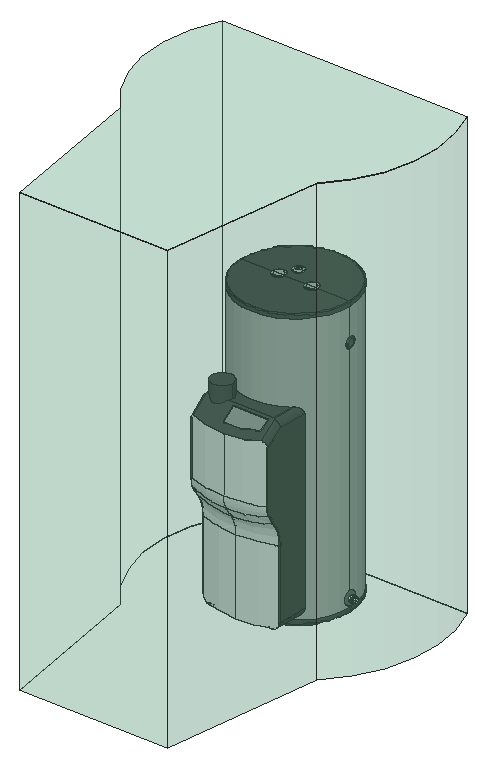
Revit family "Innovo BEFR_IR 20 200 BEFR LP", category Mechanical Equipment, Revit 2015
Parameters (values of type "IR-20-200 BEFR LP")
  largeur d'emballage = 786 mm  # constant formula
  l'Intervalle d'Entretien = "12 mois"  # constant formula
  Workspace Radius = Diameter + 170 mm  # 845 mm
  Workspace Height = Hauteur + 1000 mm  # 2745 mm
  Workspace Front Distance = 1000 mm
  Workspace [instance] = yes
  Valve Height 02 = if(and(Hauteur = 1745 mm, Diameter = 675 mm), 1518 mm, if(and(Hauteur = 1745 mm, Diameter = 610 mm), 1534 mm, if(Hauteur = 1545 mm, 1328 mm, 1070 mm)))  # 1518 mm
  Valve Height 01 = if(and(Diameter > 560 mm), 693 mm, 604 mm)  # 693 mm
  Valeur Maximale du Thermostat de Régulation = 85 °C  # constant formula
  Valeur Manimale du Thermostat de Régulation = 40 °C  # constant formula
  Valeur Défaut du Thermostat de Régulation = 65 °C  # constant formula
  URL = "www.aosmith.be"
  Type d'Installation = "B23/C13/C33/C43/C53/C63"  # constant formula
  Type d'emballage = "Carton et bois"  # constant formula
  Tension d'Alimentation (-15%, +10%) = 230 V  # constant formula
  Température Maximale des Fumées = 65 °C
  Temps de réchauffement à ΔT = 70°C = "50"
  Temps de réchauffement à ΔT = 55°C = "39"
  Temps de réchauffement à ΔT = 50°C = "36"
  Temps de réchauffement à ΔT = 44°C = "31"
  Temps de réchauffement à ΔT = 28°C = "20"
  Spécifications du Produit = ""
  Réglages du thermostat du chauffe-eau = 65 °C  # constant formula
  Réglage Standard Pour = "G20/G25"
  Rendement Saisonnier (Hs) = [Rendement (Hs, acc. NEN-EN 89 - 1999)]  # 97
  Rendement (Hs, acc. NEN-EN 89 - 1999) = 97
  Rendement (Hi, acc. NEN-EN 89 - 1999) = 108
  Raccord Évacuation de la Condensation = 40 mm  # constant formula
  Raccord de la Soupape de Vidange = 1"
  Raccord de Sortie d'Eau Chaude = 1"
  Raccord de Gaz = 15"  # constant formula
  Raccord d'Alimentation en Eau Froide = 3/4"  # constant formula
  Raccord Robinet de Vidange = 3/4"  # constant formula
  Puissance Électrique Absorbée (sommet) = 105 W
  Puissance Électrique Absorbée (nominal) = 85 W
  Profondeur d'emballage = 946 mm  # constant formula
  Profondeur = 780 mm  # constant formula
  Profils de soutirage déclaré = "XXL"
  Production Nominale = "31300.0/26000.0"
  Pression de Fonctionnement Maximale = 800000.0 Pa  # constant formula
  Pression Différentielle d'Ouverture de l'Interrupteur de Pression < = 210.0 Pa
  Pression Amont de Gaz = "2000/2500 Pa"
  Precaustions during assembling, installation or maintenance = "voir Manuel d'installation, d'emploi er d'entretien"  # constant formula
  Poids à vide = 155 kg
  Poids de Transport = 172 kg
  Phase = 1
  Pertes en Veille - tous les jours (24h) = 0 W
  Pertes en Veille = 0 W
  Nombre de modèle du produit (EAN) = "8717449286378"
  Niveau du Son dB (A) = "<45"  # constant formula
  Niveau de puissance acoustique à l'intérieur = "58 dB"
  NOx-émissions mg/kWh = "37.0/27.0"
  NOx-émissions (ven air, 0% O2) ppm = "24.0/17.0"
  Modèdele = "IR-32-380"
  Model = "IR-32-380 FR NAT"
  Marque commerciale = "A.O. Smith"  # constant formula
  Manufacturer = "A.O. Smith Water Products Company b.v."  # constant formula
  Largeur = Diameter  # 675 mm
  La commande intelligente = no
  L'efficacité énergétique pour le chauffage de l'eau (2) = "92%"
  L'efficacité énergétique pour le chauffage de l'eau (1) = "90%"
  Hauteur du Raccordement au Gaz = 905 mm
  Hauteur de la Sortie d'eau Chaude = 1745 mm
  Hauteur de l'Alimentation en eau Froide = 170 mm
  Hauteur d'emballage = 1895 mm
  Hauteur Conduit d'Évacuation des Fumées = 1350 mm
  Hauteur Conduit d'Alimentation en Air = 1350 mm
  Hauteur = 1745 mm
  Guide de Produit = ""
  Garantie sur la Cuve = "36 mois"  # constant formula
  Garantie Pièces = "12 mois"  # constant formula
  Fréquence secteur = 50 Hz  # constant formula
  Forctionner qu'en heures creuses = no
  Fabricant No. = "E 7110"  # constant formula
  Epaisseur d'Isolation = 44 mm
  Débit de vidage à ΔT = 70°C après 90 min. = 840.0 L
  Débit de vidage à ΔT = 70°C après 60 min. = 650.0 L
  Débit de vidage à ΔT = 70°C après 30 min. = 460.0 L
  Débit de vidage à ΔT = 70°C après 120 min. = 1100.0 L
  Débit de vidage à ΔT = 55°C après 90 min. = 1100.0 L
  Débit de vidage à ΔT = 55°C après 60 min. = 860.0 L
  Débit de vidage à ΔT = 55°C après 30 min. = 610.0 L
  Débit de vidage à ΔT = 55°C après 120 min. = 1400.0 L
  Débit de vidage à ΔT = 50°C après 90 min. = 1300.0 L
  Débit de vidage à ΔT = 50°C après 60 min. = 950.0 L
  Débit de vidage à ΔT = 50°C après 30 min. = 680.0 L
  Débit de vidage à ΔT = 50°C après 120 min. = 1500.0 L
  Débit de vidage à ΔT = 44°C après 90 min. = 1400.0 L
  Débit de vidage à ΔT = 44°C après 60 min. = 1100.0 L
  Débit de vidage à ΔT = 44°C après 30 min. = 790.0 L
  Débit de vidage à ΔT = 44°C après 120 min. = 1800.0 L
  Débit de vidage à ΔT = 28°C après 90 min. = 2300.0 L
  Débit de vidage à ΔT = 28°C après 60 min. = 1800.0 L
  Débit de vidage à ΔT = 28°C après 30 min. = 1300.0 L
  Débit de vidage à ΔT = 28°C après 120 min. = 2800.0 L
  Débit de vidage en Continu à ΔT = 70°C = 380.0 L/s
  Débit de vidage en Continu à ΔT = 55°C = 480.0 L/s
  Débit de vidage en Continu à ΔT = 50°C = 530.0 L/s
  Débit de vidage en Continu à ΔT = 44°C = 600.0 L/s
  Débit de vidage en Continu à ΔT = 28°C = 960.0 L/s
  Diamètre Cheminée - Système Parallèle = "2x80"  # constant formula
  Diamètre Cheminée - Système Concentrique = "80/125 mm/mm"  # constant formula
  Diamètre Cheminée - Boiler = "80/125 mm/mm"  # constant formula
  Diameter = 675 mm
  Destination / Country = "Belgique"  # constant formula
  Description = "Préparateur ECS Solaire en Combinaison avec Réservoir de Stockage"  # constant formula
  D'autres profils de soutirage = "3XL"
  Created By = "http://www.cadcompany.nl/"
  Consommation de Gaz - Volume ltr/hr = "3.10/3.00"
  Consommation de Gaz - Masse kg/h = "a/p"
  Class d'efficacité énergétique (2) = "-"
  Class d'efficacité énergétique (1) = "A"  # constant formula
  Charge Nominale (Valeur Supérieure) = "32200.0/26800.0"
  Charge Nominale (Valeur Inférieure) = "29000.0/24100.0"
  Charge Maximale au Sol = 552 kg
  Catégorie de Gaz = "I2E(S)B"
  Capacité = 380.0 L
  CO2 Émissions (tol. +/- 1.0) vol% = "9.3/7.5"
  CE-PIN = "0063CQ3037"  # constant formula
  BIM Content Developer = "CAD & Company"  # constant formula
  Assembly Code = "D3010"
  Annual fuel consumption (2) = "40 GJ GCV"
  Annual fuel consumption (1) = "21 GJ GCV"
  Annual electricity consumption (2) = "92 kWh"
  Annual electricity consumption (1) = "45 kWh"
  2ème Entretien (Entretien Général) = "12 mois après l'installation"  # constant formula
  1er Entretien (check-up) = "3 mois après l'installation"  # constant formula
Reference planes
  plane 1 "Center (Front/Back)": y = 0
  plane 2: z = 0
  plane 3 "Center (Left/Right)": x = 0
  plane 4 "Pipe": through (-383.901, 912.349, 194.799) normal (-0.0879, -0.0879, 0.9923)
  plane 5 "footing": y = 118.925
  plane 6 "footing front": y = -237.85
  plane 7: x = -337.5
  plane 8: x = 337.5
  plane 9: z = 1745
Forms (mm)
  Revolve 1, solid, material "RAL 9005", detail levels medium+fine
    sketch origin (0, -237.85, 0) x (-1, 0, 0) y (0, 0, 1)
      loop
        line (0, 28.9) -> (-15, 28.9) -> (-15, 26.4) -> (-8.671, 26.4) -> (-8.671, 18) -> (-5.686, 18) -> (-6.626, 17.06) -> (-6.626, 12.06) -> (-8.671, 12.06) -> (-8.671, 10) -> (-10.031, 10) -> (-23.271, 5.181)
        arc (-23.271, 5.181) -> (-23.763, 4.836) -> (-24.017, 4.293) r 1.159
        line (-24.017, 4.293) -> (-24.017, 1.03)
        arc (-24.017, 1.03) -> (-23.715, 0.302) -> (-22.986, 0) r 1.03
        line (-22.986, 0) -> (0, 0) -> (0, 28.9)
      axis (0, 28.9) -> (0, 0)
    angle from 0 to 360
  Revolve 2, solid, material "RAL 9005", detail levels medium+fine
    sketch origin (0, 118.925, 0) x (-1, 0, 0) y (0, 0, 1)
      loop
        line (-238.484, 28.9) -> (-253.484, 28.9) -> (-253.484, 26.4) -> (-247.155, 26.4) -> (-247.155, 18) -> (-244.17, 18) -> (-245.11, 17.06) -> (-245.11, 12.06) -> (-247.155, 12.06) -> (-247.155, 10) -> (-248.515, 10) -> (-261.756, 5.181)
        arc (-261.756, 5.181) -> (-262.247, 4.836) -> (-262.501, 4.293) r 1.159
        line (-262.501, 4.293) -> (-262.501, 1.03)
        arc (-262.501, 1.03) -> (-262.199, 0.302) -> (-261.471, 0) r 1.03
        line (-261.471, 0) -> (-238.484, 0) -> (-238.484, 28.9)
      axis (-238.484, 28.9) -> (-238.484, 0)
    angle from 0 to 360
  Revolve 3, solid, material "RAL 9005", detail levels medium+fine
    sketch origin (0, 118.925, 0) x (-1, 0, 0) y (0, 0, 1)
      loop
        line (236.516, 28.9) -> (221.516, 28.9) -> (221.516, 26.4) -> (227.845, 26.4) -> (227.845, 18) -> (230.83, 18) -> (229.89, 17.06) -> (229.89, 12.06) -> (227.845, 12.06) -> (227.845, 10) -> (226.485, 10) -> (213.244, 5.181)
        arc (213.244, 5.181) -> (212.753, 4.836) -> (212.499, 4.293) r 1.159
        line (212.499, 4.293) -> (212.499, 1.03)
        arc (212.499, 1.03) -> (212.801, 0.302) -> (213.529, 0) r 1.03
        line (213.529, 0) -> (236.516, 0) -> (236.516, 28.9)
      axis (236.516, 28.9) -> (236.516, 0)
    angle from 0 to 360
Lines and regions (mm)
  symbolic lines
    curve 1: line (0, 280.06, 0) -> (0, -280.06, 0)
    curve 2: line (-312.56, 0, 0) -> (312.56, 0, 0)
  symbolic lines, style "Workspace"
    curve 3: line (754.705, 380.06, 0) -> (-754.705, 380.06, 0)
    curve 4: arc (-754.705, 380.06, 0) -> (-842.687, -62.476, 0) -> (-690.406, -487.2, 0) r 845
    curve 5: line (-690.406, -487.2, 0) -> (-454.283, -1552.825, 0)
    curve 6: line (-454.283, -1552.825, 0) -> (456.53, -1552.825, 0)
    curve 7: line (456.53, -1552.825, 0) -> (692.083, -484.816, 0)
    curve 8: arc (692.083, -484.816, 0) -> (842.794, -61.023, 0) -> (754.705, 380.06, 0) r 845
Dimensions and locks
  plane 5 "footing" to plane 1 "Center (Front/Back)" = 118.925 mm
  plane 1 "Center (Front/Back)" to plane 6 "footing front" = 237.85 mm
  "Diameter": plane 7 to plane 8
  equal spacing: plane 7, plane 3 "Center (Left/Right)", plane 8
  "Hauteur": plane 9 to plane 2
  "Workspace Front Distance": curve 6 to nested 3
  "Workspace Radius": radius of curve 4
  "Workspace Radius": radius of curve 8
  aligned and locked: level to plane 2
  aligned and locked: nested 3 to Revolve 1 sketch curve
  aligned and locked: plane 3 "Center (Left/Right)" to Revolve 1 sketch curve
  aligned and locked: nested 3 to plane 1 "Center (Front/Back)"
  aligned and locked: plane 3 "Center (Left/Right)" to nested 3
  aligned and locked: nested 1 to plane 8
  aligned and locked: nested 5 to plane 8
  aligned and locked: nested 2 to plane 7
  aligned and locked: nested 4 to plane 7
  aligned and locked: nested 7 to plane 7
  aligned and locked: nested 8 to plane 3 "Center (Left/Right)"
  aligned and locked: plane 1 "Center (Front/Back)" to nested 8
  aligned and locked: nested 8 to nested 3
  aligned and locked: curve 3 to nested 8
Automatic sketch dimensions
  Revolve 1 sketch curve to level = 0 mm
  plane 3 "Center (Left/Right)" to Revolve 1 sketch curve = 5.686 mm
  Revolve 1 sketch curve to Revolve 1 sketch curve = 0.94 mm  (x2)
  Revolve 1 sketch curve to Revolve 1 sketch curve = 2.046 mm  (x2)
  Revolve 1 sketch curve to Revolve 1 sketch curve = 1.359 mm
  Revolve 1 sketch curve to Revolve 1 sketch curve = 6.329 mm
  level to Revolve 1 sketch curve = 4.091 mm
  Revolve 1 sketch curve to Revolve 1 sketch curve = 12.844 mm
  level to Revolve 1 sketch curve = 1.03 mm
  Revolve 1 sketch curve to Revolve 1 sketch curve = 0.111 mm
  level to Revolve 1 sketch curve = 5.181 mm
  Revolve 1 sketch curve to Revolve 1 sketch curve = 0.745 mm
  level to Revolve 1 sketch curve = 10 mm
  Revolve 1 sketch curve to Revolve 1 sketch curve = 2.06 mm
  Revolve 1 sketch curve to Revolve 1 sketch curve = 5 mm
  Revolve 1 sketch curve to Revolve 1 sketch curve = 8.4 mm
  Revolve 1 sketch curve to Revolve 1 sketch curve = 2.5 mm
  Revolve 1 sketch curve to level = 19.635 mm
  Revolve 1 sketch curve to Revolve 1 sketch curve = 46.465 mm
  Revolve 2 sketch curve to level = 0 mm
  level to Revolve 2 sketch curve = 1.03 mm
  Revolve 2 sketch curve to plane 8 = 74.999 mm
  level to Revolve 2 sketch curve = 5.181 mm
  Revolve 2 sketch curve to Revolve 2 sketch curve = 0.745 mm
  Revolve 2 sketch curve to Revolve 2 sketch curve = 0.397 mm
  Revolve 2 sketch curve to Revolve 2 sketch curve = 8.271 mm
  Revolve 2 sketch curve to Revolve 2 sketch curve = 13.241 mm
  Revolve 2 sketch curve to Revolve 2 sketch curve = 1.359 mm
  Revolve 2 sketch curve to Revolve 2 sketch curve = 6.329 mm
  Revolve 2 sketch curve to Revolve 2 sketch curve = 2.046 mm
  level to Revolve 2 sketch curve = 18 mm
  Revolve 2 sketch curve to Revolve 2 sketch curve = 0.94 mm  (x2)
  Revolve 2 sketch curve to Revolve 2 sketch curve = 8.671 mm
  Revolve 2 sketch curve to Revolve 2 sketch curve = 1.089 mm
  Revolve 2 sketch curve to Revolve 2 sketch curve = 8 mm
  Revolve 2 sketch curve to Revolve 2 sketch curve = 2.06 mm
  Revolve 2 sketch curve to Revolve 2 sketch curve = 8.4 mm
  Revolve 2 sketch curve to Revolve 2 sketch curve = 2.5 mm
  Revolve 2 sketch curve to Revolve 2 sketch curve = 0 mm
  Revolve 2 sketch curve to level = 19.635 mm
  Revolve 2 sketch curve to Revolve 2 sketch curve = 46.465 mm
  Revolve 3 sketch curve to level = 0 mm
  level to Revolve 3 sketch curve = 1.03 mm
  Revolve 3 sketch curve to plane 7 = 125.001 mm
  level to Revolve 3 sketch curve = 5.181 mm
  Revolve 3 sketch curve to Revolve 3 sketch curve = 0.745 mm
  Revolve 3 sketch curve to Revolve 3 sketch curve = 0.397 mm
  Revolve 3 sketch curve to Revolve 3 sketch curve = 8.271 mm
  Revolve 3 sketch curve to Revolve 3 sketch curve = 13.241 mm
  Revolve 3 sketch curve to Revolve 3 sketch curve = 1.359 mm
  Revolve 3 sketch curve to Revolve 3 sketch curve = 6.329 mm
  Revolve 3 sketch curve to Revolve 3 sketch curve = 2.046 mm
  level to Revolve 3 sketch curve = 18 mm
  Revolve 3 sketch curve to Revolve 3 sketch curve = 0.94 mm  (x2)
  Revolve 3 sketch curve to Revolve 3 sketch curve = 8.671 mm
  Revolve 3 sketch curve to Revolve 3 sketch curve = 1.089 mm
  Revolve 3 sketch curve to Revolve 3 sketch curve = 8 mm
  Revolve 3 sketch curve to Revolve 3 sketch curve = 2.06 mm
  Revolve 3 sketch curve to Revolve 3 sketch curve = 8.4 mm
  Revolve 3 sketch curve to Revolve 3 sketch curve = 2.5 mm
  Revolve 3 sketch curve to Revolve 3 sketch curve = 0 mm
  Revolve 3 sketch curve to level = 19.635 mm
  Revolve 3 sketch curve to Revolve 3 sketch curve = 46.465 mm
  curve 4 to curve 8 = 0 mm  (x2)
  plane 1 "Center (Front/Back)" to curve 2 = 0 mm
  curve 1 to plane 3 "Center (Left/Right)" = 0 mm
  plane 1 "Center (Front/Back)" to curve 4 = 0 mm
  curve 4 to plane 3 "Center (Left/Right)" = 0 mm
  curve 5 to plane 6 "footing front" = 249.35 mm
  plane 7 to curve 5 = 116.783 mm
  plane 8 to curve 7 = 119.03 mm
  curve 7 to plane 6 "footing front" = 246.966 mm
  curve 2 to plane 7 = 24.94 mm
  curve 2 to plane 8 = 24.94 mm
  curve 1 to plane 6 "footing front" = 42.21 mm
  plane 5 "footing" to curve 1 = 161.135 mm
Nested families
  nested 1: "Valve" at (337.5, -0.38, 1518) x (0, 1, 0) z (0, 0, 1), built-in parameter 1001364 <- "Valve Height 02", type "Valve"
  nested 2: "Drain Valve" at (-337.5, 0, 1518), built-in parameter 1001364 <- "Valve Height 02", type "Drain Valve"
  nested 3: "Housing Mother Housing S 57 (external)" at (0, -334.886, 0), type "Housing Mother_Housing S_57"
    with radius 337.5 mm, distance to boiler center 189 mm, diameter 675 mm
  nested 4: "Drain Valve" at (-337.5, 0, 177), type "Drain Valve"
  nested 5: "Drain Valve" at (337.5, 0, 107) x (-1, 0, 0) z (0, 0, 1), type "Drain Valve"
  nested 6: "Boiler" at (0, 0, 0), height <- "Hauteur", type "Boiler"
    with height 1745 mm, radius 337.5 mm, Diameter 675 mm
  nested 7: "Drain Valve" at (-337.5, 0, 693), built-in parameter 1001364 <- "Valve Height 01", type "Drain Valve"
  nested 8: "Innovo_workspace" at (0, 0, 0), Workspace <- "Workspace", Workspace Distance Front <- "Workspace Front Distance", Workspace Height <- "Workspace Height", Workspace Radius <- "Workspace Radius", type "Workspace"
    with Workspace Radius 845 mm, Workspace Height 2745 mm, Workspace Distance Front 1000 mm, Workspace yes, Center to Front 552.825 mm
Connectors
  piping at (372.326, 0, 107), diameter 19.05, driven by "Raccord Robinet de Vidange"
    settings: on nested 5, index 1, connector inside diameter 24", connector length 0 mm, flow factor 0, pipe flow 0.0 L/s, pressure drop 0.0 Pa, fitting loss kfactor 0, connector angle 0.00°, fixture units 0, engagement length 0 mm, angle of deflection 0.00°, flow configuration 0, flow direction 0, fitting loss method 0, system type 19, joint type 0, gender type 0, connector reference index -1, connector utility 0, adjustable connector no, is connector primary yes, connector description ""
  hvac at (-147.013, -381.326, 1310.674)
    settings: on nested 3, index 2, duct flow 0.0 L/s, flow factor 0, pres drop 0.0 Pa, loss coef 0, conn angle 0.00°, conn width 304.8 mm, conn height 304.8 mm, conn diameter 125 mm, duct sys type 4, conn prof type 0, flow config 0, flow direction 0, loss method 0, conn ref index -1, conn util no, is conn primary yes, conn desc ""
Definition of nested family "Valve"
  Parameters (values of type "Valve")
    Type Comments = "T&P valve (internal)"
    Manufacturer = "A.O. Smith"
  Reference planes
    plane 1 "Center (Front/Back)": y = 0
    plane 2: z = 0
    plane 3 "Center (Left/Right)": x = 0
  Forms (mm)
    Extrusion 1, solid, detail levels fine
      sketch origin (0, 0, 0) x (1, 0, 0) y (0, 0, 1)
        loop
          circle (0, 0) r 31.5
      from -2.271 to 1.4
    Sweep 2, solid, detail levels fine
      path origin (0, -1.4, 0) x (1, 0, 0) y (0, 0, 1)
        loop
          circle (0, 0) r 31.5
      profile origin (0, -1.4, 31.5) x (0, 0, -1) y (0, -1, 0)
        loop
          line (7.3, 0) -> (7.3, 3) -> (0, 0) -> (7.3, 0)
  Dimensions and locks
    aligned and locked: level to plane 2
Definition of nested family "Drain Valve"
  Reference planes
    plane 1 "Center (Front/Back)": y = 0
    plane 2: z = 0
    plane 3 "Center (Left/Right)": x = 0
  Forms (mm)
    Revolve 1, solid, detail levels medium+fine
      sketch origin (0, 0, 0) x (1, 0, 0) y (0, 0, 1)
        loop
          line (-33.442, 15.696) -> (-34.826, 14.329) -> (-34.93, 12.731) -> (-16.555, 12.731) -> (-16.555, 0) -> (15.787, 0) -> (15.787, 18.3) -> (-14.4, 18.3) -> (-17.148, 15.533) -> (-18.729, 16.697) -> (-20.091, 15.333) -> (-21.672, 16.496) -> (-23.034, 15.133) -> (-24.614, 16.296) -> (-25.976, 14.932) -> (-27.557, 16.096) -> (-28.919, 14.732) -> (-30.5, 15.896) -> (-31.862, 14.532) -> (-33.442, 15.696)
        axis (-34.93, 0) -> (15.787, 0)
      angle from 0 to 360
  Dimensions and locks
    aligned and locked: level to plane 2
  Nested families
    nested 1: "Rubber sealing" at (2.592, -0.155, 0) x (0.0023, -1, 0) z (0, 0, 1), type "Rubber sealing", detail levels fine
  Definition of nested family "Rubber sealing"
    Reference planes
      plane 1 "Center (Front/Back)": y = 0
      plane 2: z = 0
      plane 3 "Center (Left/Right)": x = 0
    Forms (mm)
      Extrusion 1, solid, detail levels fine
        sketch origin (141.861, 319.581, 0) x (1, 0, 0) y (0, 1, 0)
          loop
            line (-216.354, -311.898) -> (-216.354, -313.94)
            arc (-216.354, -313.94) -> (-141.602, -321.581) -> (-66.861, -313.835) r 366.966
            line (-66.861, -313.835) -> (-66.861, -311.791)
            arc (-66.861, -311.791) -> (-141.602, -319.581) -> (-216.354, -311.898) r 364.966
        from -80 to 80
      Extrusion 2, void
        sketch origin (141.861, 319.581, 0) x (1, 0, 0) y (0, 0, 1)
          loop
            circle (-141.861, 0) r 13
          loop
            circle (-141.861, 0) r 110
          loop
            circle (-141.861, 0) r 40
        from 311.563 to 332.684
      Extrusion 3, void
        sketch origin (141.861, 319.581, 0) x (1, 0, 0) y (0, 0, 1)
          loop
            circle (-141.861, 0) r 18.25
        from 315.524 to 326.084
    Cuts and joins
      Extrusion 2, Extrusion 3 cuts Extrusion 1
    Dimensions and locks
      aligned and locked: level to plane 2
Definition of nested family "Housing Mother Housing S 57 (external)"
  Parameters (values of type "Housing Mother_Housing S_57")
    radius [instance] = 280 mm
    distance to boiler center = if(diameter = 675 mm, 189 mm, if(diameter = 610 mm, 154 mm, 129 mm))  # 129 mm
    diameter = 560 mm
  Reference planes
    plane 1 "Center (Front/Back)": y = 0
    plane 2: z = 0
    plane 3 "Center (Left/Right)": x = 0
    plane 4 "left": through (-245.286, 145.886, 1200) normal (0.9994, 0.0349, 0)
    plane 5: y = -217.939
    plane 6: y = 145.886
    plane 7: z = 1232.6
    plane 8: z = 65.89
    plane 9 "right": through (245.286, 145.886, 1200) normal (0.9994, -0.0349, 0)
    plane 10 "display": through (0, -90.37, 1221.196) normal (0, -0.5736, 0.8192)
    plane 11 "Potentiostat": z = 867.899
    plane 12 "boiler center": y = 274.886
    plane 13: x = -280
    plane 14: x = 280
  Forms (mm)
    Extrusion 1, solid
      sketch origin (0, 0, 0) x (1, 0, 0) y (0, 1, 0)
        loop
          line (-245.286, 145.886) -> (-232.581, -217.939) -> (232.581, -217.939) -> (245.286, 145.886)
          arc (245.286, 145.886) -> (0, 0.923) -> (-245.286, 145.886) r 280
      from 0 to 1232.6
    Sweep 2, void
      path origin (0, 0, 0) x (0, 1, 0) y (0, 0, 1)
        loop
          line (-217.939, 1232.6) -> (-217.939, 795.555)
          arc (-217.939, 795.555) -> (-212.387, 754.285) -> (-197.694, 715.322) r 183.924
          arc (-197.694, 715.322) -> (-179.915, 684.628) -> (-159.106, 655.901) r 348.284
          arc (-159.106, 655.901) -> (-131.411, 600.328) -> (-121.88, 538.973) r 202.254
          line (-121.88, 538.973) -> (-121.88, 61.106)
      profile origin (0, -217.939, 1014.077) x (1, 0, 0) y (0, 1, 0)
        loop
          arc (0, 0) -> (-117.533, 9.941) -> (-231.728, 39.475) r 699.984
          arc (-231.728, 39.475) -> (-233.391, 40.705) -> (-234.07, 42.659) r 3.505
          line (-234.07, 42.659) -> (-254.062, 42.659) -> (-254.062, -142.593) -> (254.07, -142.593) -> (254.07, 42.659) -> (234.07, 42.659)
          arc (234.07, 42.659) -> (233.391, 40.705) -> (231.728, 39.475) r 3.505
          arc (231.728, 39.475) -> (117.533, 9.941) -> (0, 0) r 699.984
    Extrusion 3, void
      sketch origin (0, 0, 0) x (0, 1, 0) y (0, 0, 1)
        loop
          arc (102.864, 70.869) -> (99.804, 70.709) -> (96.874, 69.813) r 12.57
          arc (96.874, 69.813) -> (87.878, 66.533) -> (78.516, 64.529) r 69.114
          arc (78.516, 64.529) -> (76.41, 64.284) -> (74.294, 64.148) r 41.206
          arc (74.294, 64.148) -> (65.203, 64.335) -> (56.122, 64.782) r 318.661
          arc (56.122, 64.782) -> (30.585, 66.179) -> (5.028, 67.128) r 1456.581
          line (5.028, 67.128) -> (-84.534, 73.135)
          arc (-84.534, 73.135) -> (-86.363, 73.808) -> (-87.536, 75.365) r 3.455
          line (-87.536, 75.365) -> (-264.473, 75.365) -> (-264.473, 0) -> (160.886, 0) -> (160.886, 103.945) -> (145.886, 103.945)
          arc (145.886, 103.945) -> (145.104, 97.827) -> (142.923, 92.059) r 26.364
          arc (142.923, 92.059) -> (141.067, 88.936) -> (138.867, 86.045) r 31.715
          arc (138.867, 86.045) -> (135.576, 82.49) -> (132.021, 79.2) r 62.615
          arc (132.021, 79.2) -> (125.841, 74.697) -> (119.091, 71.103) r 54.444
          arc (119.091, 71.103) -> (116.371, 70.272) -> (113.531, 70.123) r 11.669
          line (113.531, 70.123) -> (102.864, 70.869)
      from -254.062 to 254.07
    Sweep 4, void
      path origin (0, 0, 0) x (1, 0, 0) y (0, 1, 0)
        loop
          line (-245.286, 145.886) -> (-232.581, -217.939)
      profile origin (-238.933, -36.027, 0) x (0.999391, 0.034899, 0) y (0, 0, 1)
        loop
          line (-4.454, 0) -> (47.084, 0) -> (47.084, 73.431)
          arc (47.084, 73.431) -> (14.222, 85.134) -> (0.255, 117.1) r 43.922
          line (0.255, 117.1) -> (-4.454, 117.1) -> (-4.454, 0)
    Sweep 5, void
      path origin (0, 0, 0) x (-1, 0, 0) y (0, 1, 0)
        loop
          line (-245.286, 145.886) -> (-232.581, -217.939)
      profile origin (238.933, -36.027, 0) x (0.999391, -0.034899, 0) y (0, 0, 1)
        loop
          line (4.454, 0) -> (4.454, 117.1) -> (-0.255, 117.1)
          arc (-0.255, 117.1) -> (-14.222, 85.134) -> (-47.084, 73.431) r 43.922
          line (-47.084, 73.431) -> (-47.084, 0) -> (4.454, 0)
    Sweep 6, void
      path origin (-239.899, -8.377, 0) x (-0.034899, 0.999391, 0) y (0, 0, 1)
        loop
          line (-209.69, 1141.272) -> (-79.18, 1232.6) -> (154.358, 1232.6)
      profile origin (-241.211, 29.188, 1232.6) x (0, 0, 1) y (0.999391, 0.034899, 0)
        loop
          line (-45, -30) -> (75, -30) -> (75, 0) -> (75, 55) -> (2.799, 55) -> (-1.253, 35.128)
          arc (-1.253, 35.128) -> (-16.771, 9.564) -> (-45, -0.308) r 44.287
          line (-45, -0.308) -> (-45, -30)
    Sweep 7, void
      path origin (239.899, -8.377, 0) x (0.034899, 0.999391, 0) y (0, 0, 1)
        loop
          line (-209.69, 1141.272) -> (-79.18, 1232.6) -> (154.358, 1232.6)
      profile origin (241.211, 29.188, 1232.6) x (0, 0, -1) y (-0.999391, 0.034899, 0)
        loop
          line (-75, -25) -> (45, -25) -> (45, -0.308)
          arc (45, -0.308) -> (16.771, 9.564) -> (1.253, 35.128) r 44.287
          line (1.253, 35.128) -> (-2.799, 55) -> (-75, 55) -> (-75, -25)
    Extrusion 8, void
      sketch origin (0, 0, 0) x (0, 1, 0) y (0, 0, 1)
        loop
          line (-270, 1336.099) -> (-270, 1099.081) -> (68.497, 1336.099) -> (-270, 1336.099)
      from -425.038 to 444.42
    Extrusion 9, solid, detail levels medium+fine
      sketch origin (0, 0, 0) x (1, 0, 0) y (0, 1, 0)
        loop
          circle (-147.013, -46.44) r 65
      from 1163.174 to 1310.674
    Extrusion 10, void
      sketch origin (0, -603.506, 861.895) x (0, 0.819152, 0.573576) y (-1, 0, 0)
        loop
          arc (618.322, -173) -> (623.272, -170.95) -> (625.322, -166) r 7
          line (625.322, -166) -> (625.322, 35)
          arc (625.322, 35) -> (623.272, 39.95) -> (618.322, 42) r 7
          line (618.322, 42) -> (535.473, 42)
          arc (535.473, 42) -> (530.688, 40.11) -> (528.488, 35.46) r 7
          arc (528.488, 35.46) -> (531.569, -67.592) -> (554.18, -168.18) r 540
          arc (554.18, -168.18) -> (556.724, -171.668) -> (560.831, -173) r 7
          line (560.831, -173) -> (618.322, -173)
      from 0 to 137.286
    Sweep 11, solid, detail levels fine
      path origin (0, 0, 867.899) x (-1, 0, 0) y (0, -1, 0)
        loop
          line (309.749, -35.617) -> (204.371, -35.617)
          arc (204.371, -35.617) -> (196.509, -34.687) -> (189.082, -31.947) r 33.677
          line (189.082, -31.947) -> (-9.574, 69.274)
      profile origin (-257.06, 35.617, 867.899) x (0, 1, 0) y (0, 0, 1)
        loop
          circle (0, 0) r 7.316
        loop
          circle (0, 0) r 6.465
    Revolve 12, void
      sketch origin (0, 274.886, 0) x (-1, 0, 0) y (0, 0, 1)
        loop
          line (280, 1243.838) -> (0, 1243.838) -> (0, 54.9) -> (280, 54.9) -> (280, 1243.838)
        axis (0, 1243.838) -> (0, 54.9)
      angle from 0 to 360
  Cuts and joins
    Sweep 2, Extrusion 3, Sweep 4, Sweep 5, Sweep 6, Sweep 7, Extrusion 8, Extrusion 10, Revolve 12 cuts Extrusion 1
  Dimensions and locks
    plane 8 to plane 2 = 65.89 mm
    plane 7 to plane 8 = 1166.71 mm
    "distance to boiler center": plane 12 "boiler center" to plane 6
    "diameter": plane 14 to plane 13
    equal spacing: plane 14, plane 3 "Center (Left/Right)", plane 13
    "radius": plane 3 "Center (Left/Right)" to plane 13
    aligned and locked: level to plane 2
    aligned and locked: Extrusion 1 to plane 7
    aligned and locked: Extrusion 1 sketch curve to plane 5
    aligned and locked: Sweep 2 to Extrusion 3
    aligned and locked: Extrusion 3 to Sweep 2  (x2)
    aligned and locked: plane 7 to Sweep 2 sketch curve
    aligned and locked: plane 3 "Center (Left/Right)" to Revolve 12 sketch curve
    aligned and locked: Revolve 12 sketch curve to plane 3 "Center (Left/Right)"
    aligned and locked: plane 13 to Revolve 12 sketch curve
  Automatic sketch dimensions
    Extrusion 1 sketch curve to plane 4 "left" = 0 mm  (x2)
    Extrusion 1 sketch curve to plane 6 = 0 mm  (x2)
    Extrusion 1 sketch curve to plane 3 "Center (Left/Right)" = 0 mm
    Extrusion 1 sketch curve to plane 9 "right" = 0 mm
    plane 6 to Extrusion 1 sketch curve = 135.037 mm
    Sweep 2 sketch curve to plane 5 = 0 mm
    plane 5 to Sweep 2 sketch curve = 106.195 mm
    Sweep 2 sketch curve to plane 5 = 96.059 mm
    plane 1 "Center (Front/Back)" to Sweep 2 sketch curve = 34.053 mm
    plane 11 "Potentiostat" to Sweep 2 sketch curve = 6.417 mm
    Sweep 2 sketch curve to plane 6 = 33.705 mm
    Sweep 2 sketch curve to plane 11 "Potentiostat" = 68.615 mm
    Sweep 2 sketch curve to plane 11 "Potentiostat" = 72.345 mm
    Sweep 2 sketch curve to Sweep 2 sketch curve = 176.349 mm
    Sweep 2 sketch curve to Sweep 2 sketch curve = 0 mm  (x2)
    plane 8 to Sweep 2 sketch curve = 4.784 mm
    Extrusion 3 sketch curve to level = 0 mm
    Extrusion 3 sketch curve to plane 6 = 0 mm
    Extrusion 3 sketch curve to plane 6 = 26.363 mm
    Extrusion 3 sketch curve to Extrusion 3 sketch curve = 4.75 mm
    Extrusion 3 sketch curve to Extrusion 3 sketch curve = 5.179 mm
    Extrusion 3 sketch curve to plane 8 = 4.232 mm
    Extrusion 3 sketch curve to Extrusion 3 sketch curve = 0.814 mm
    Extrusion 3 sketch curve to plane 8 = 4.978 mm
    Extrusion 3 sketch curve to Extrusion 3 sketch curve = 10.667 mm
    Extrusion 3 sketch curve to Extrusion 3 sketch curve = 0.877 mm
    Extrusion 3 sketch curve to Extrusion 3 sketch curve = 17.827 mm
    Extrusion 3 sketch curve to Extrusion 3 sketch curve = 5.646 mm
    Extrusion 3 sketch curve to plane 6 = 69.562 mm
    Extrusion 3 sketch curve to Extrusion 3 sketch curve = 18.6 mm
    Extrusion 3 sketch curve to Extrusion 3 sketch curve = 22.538 mm
    Extrusion 3 sketch curve to plane 8 = 1.238 mm
    Extrusion 3 sketch curve to plane 1 "Center (Front/Back)" = 5.028 mm
    plane 1 "Center (Front/Back)" to Extrusion 3 sketch curve = 36.224 mm
    Extrusion 3 sketch curve to plane 8 = 10.692 mm
    plane 1 "Center (Front/Back)" to Extrusion 3 sketch curve = 84.302 mm
    Extrusion 3 sketch curve to plane 8 = 7.244 mm
    Extrusion 3 sketch curve to Extrusion 3 sketch curve = 0.231 mm
    Extrusion 3 sketch curve to Extrusion 3 sketch curve = 3.234 mm
    plane 5 to Extrusion 3 sketch curve = 46.534 mm
    plane 6 to Extrusion 3 sketch curve = 15 mm
    Extrusion 3 sketch curve to level = 1388.869 mm
    plane 8 to Extrusion 3 sketch curve = 7.561 mm
    Extrusion 3 sketch curve to Extrusion 3 sketch curve = 11.64 mm
    Extrusion 3 sketch curve to plane 8 = 38.054 mm
    Extrusion 3 sketch curve to Extrusion 3 sketch curve = 22.442 mm
    Extrusion 3 sketch curve to plane 8 = 39.432 mm
    Extrusion 3 sketch curve to Extrusion 3 sketch curve = 2.466 mm
    Extrusion 3 sketch curve to Extrusion 3 sketch curve = 14.17 mm
    Extrusion 3 sketch curve to Extrusion 3 sketch curve = 5.925 mm
    Extrusion 3 sketch curve to Extrusion 3 sketch curve = 6.186 mm
    Extrusion 3 sketch curve to Extrusion 3 sketch curve = 249.85 mm
    Extrusion 3 sketch curve to Extrusion 3 sketch curve = 0 mm  (x4)
    Extrusion 3 sketch curve to Extrusion 3 sketch curve = 6.845 mm
    plane 8 to Extrusion 3 sketch curve = 1.743 mm
    Sweep 4 sketch curve to plane 4 "left" = 0 mm  (x2)
    Sweep 4 sketch curve to plane 6 = 0 mm
    plane 5 to Sweep 4 sketch curve = 0 mm
    Sweep 4 sketch curve to level = 0 mm
    profile plane to Sweep 4 sketch curve = 4.454 mm
    Sweep 4 sketch curve to profile plane = 0.255 mm
    Sweep 4 sketch curve to Sweep 4 sketch curve = 43.922 mm
    Sweep 4 sketch curve to profile plane = 47.084 mm
    level to Sweep 4 sketch curve = 73.431 mm
    Sweep 4 sketch curve to Sweep 4 sketch curve = 43.669 mm
    Sweep 5 sketch curve to plane 6 = 0 mm
    Sweep 5 sketch curve to plane 9 "right" = 0 mm  (x2)
    plane 5 to Sweep 5 sketch curve = 0 mm
    Sweep 5 sketch curve to level = 0 mm
    profile plane to Sweep 5 sketch curve = 47.084 mm
    Sweep 5 sketch curve to Sweep 5 sketch curve = 2.907 mm
    profile plane to Sweep 5 sketch curve = 0.255 mm
    Sweep 5 sketch curve to profile plane = 4.454 mm
    level to Sweep 5 sketch curve = 73.431 mm
    Sweep 5 sketch curve to Sweep 5 sketch curve = 43.669 mm
    Sweep 6 sketch curve to plane 7 = 0 mm
    plane 7 to Sweep 6 sketch curve = 91.328 mm
    Sweep 6 sketch curve to Sweep 6 sketch curve = 130.509 mm
    Sweep 6 sketch curve to Sweep 6 sketch curve = 233.538 mm
    Sweep 6 sketch curve to plane 4 "left" = 0 mm
    profile plane to Sweep 6 sketch curve = 45 mm
    Sweep 6 sketch curve to Sweep 6 sketch curve = 0.354 mm
    profile plane to Sweep 6 sketch curve = 1.253 mm
    Sweep 6 sketch curve to profile plane = 2.799 mm
    Sweep 6 sketch curve to Sweep 6 sketch curve = 72.201 mm
    Sweep 6 sketch curve to plane 4 "left" = 0.308 mm
    Sweep 6 sketch curve to Sweep 6 sketch curve = 29.692 mm
    plane 4 "left" to Sweep 6 sketch curve = 35.128 mm
    plane 4 "left" to Sweep 6 sketch curve = 55 mm
    Sweep 7 sketch curve to plane 7 = 0 mm
    Sweep 7 sketch curve to plane 7 = 91.328 mm
    Sweep 7 sketch curve to Sweep 7 sketch curve = 130.509 mm
    Sweep 7 sketch curve to Sweep 7 sketch curve = 233.538 mm
    Sweep 7 sketch curve to plane 9 "right" = 25 mm
    profile plane to Sweep 7 sketch curve = 75 mm
    profile plane to Sweep 7 sketch curve = 2.799 mm
    Sweep 7 sketch curve to profile plane = 1.253 mm
    Sweep 7 sketch curve to Sweep 7 sketch curve = 43.393 mm
    Sweep 7 sketch curve to profile plane = 45 mm
    Sweep 7 sketch curve to plane 9 "right" = 0.308 mm
    plane 9 "right" to Sweep 7 sketch curve = 35.128 mm
    Sweep 7 sketch curve to Sweep 7 sketch curve = 19.872 mm
    plane 5 to Extrusion 8 sketch curve = 52.061 mm
    Extrusion 8 sketch curve to plane 1 "Center (Front/Back)" = 68.497 mm
    plane 7 to Extrusion 8 sketch curve = 133.519 mm
    Extrusion 8 sketch curve to plane 7 = 103.499 mm
    plane 1 "Center (Front/Back)" to Extrusion 9 sketch curve = 46.44 mm
    Extrusion 9 sketch curve to plane 3 "Center (Left/Right)" = 147.013 mm
    Extrusion 10 sketch curve to plane 3 "Center (Left/Right)" = 0 mm
    Extrusion 10 sketch curve to plane 3 "Center (Left/Right)" = 35 mm
    Extrusion 10 sketch curve to Extrusion 10 sketch curve = 25.359 mm
    Extrusion 10 sketch curve to Extrusion 10 sketch curve = 57.491 mm
    Extrusion 10 sketch curve to plane 3 "Center (Left/Right)" = 42 mm
    Extrusion 10 sketch curve to Extrusion 10 sketch curve = 82.85 mm
    Extrusion 10 sketch curve to Extrusion 10 sketch curve = 7 mm
    Extrusion 10 sketch curve to Extrusion 10 sketch curve = 442 mm
    plane 3 "Center (Left/Right)" to Extrusion 10 sketch curve = 166 mm
    Extrusion 10 sketch curve to Extrusion 10 sketch curve = 0 mm  (x2)
    Sweep 11 sketch curve to plane 1 "Center (Front/Back)" = 31.947 mm
    Sweep 11 sketch curve to plane 3 "Center (Left/Right)" = 189.082 mm
    Sweep 11 sketch curve to plane 1 "Center (Front/Back)" = 1.94 mm
    Sweep 11 sketch curve to Sweep 11 sketch curve = 15.289 mm
    plane 3 "Center (Left/Right)" to Sweep 11 sketch curve = 9.574 mm
    Sweep 11 sketch curve to Sweep 11 sketch curve = 105.378 mm
    plane 1 "Center (Front/Back)" to Sweep 11 sketch curve = 69.274 mm
    Sweep 11 sketch curve to Sweep 11 sketch curve = 0 mm  (x2)
    Sweep 11 sketch curve to plane 11 "Potentiostat" = 0 mm
    Sweep 11 sketch curve to profile plane = 0 mm
    plane 8 to Revolve 12 sketch curve = 10.99 mm
    Revolve 12 sketch curve to plane 7 = 11.238 mm
    Revolve 12 sketch curve to level = 366.045 mm
    Revolve 12 sketch curve to Revolve 12 sketch curve = 971.917 mm
    Sweep 2 sketch curve to plane 3 "Center (Left/Right)" = 0 mm
    profile plane to Sweep 2 sketch curve = 0 mm
    Sweep 2 sketch curve to plane 3 "Center (Left/Right)" = 0.016 mm
    Sweep 2 sketch curve to profile plane = 42.782 mm  (x2)
    Sweep 2 sketch curve to plane 3 "Center (Left/Right)" = 230.568 mm
    plane 3 "Center (Left/Right)" to Sweep 2 sketch curve = 0.016 mm
    plane 3 "Center (Left/Right)" to Sweep 2 sketch curve = 230.568 mm
    Sweep 2 sketch curve to Sweep 2 sketch curve = 3.502 mm  (x2)
    Sweep 2 sketch curve to Sweep 2 sketch curve = 20 mm
    profile plane to Sweep 2 sketch curve = 142.593 mm
    Sweep 2 sketch curve to Sweep 2 sketch curve = 0.122 mm  (x2)
    Sweep 2 sketch curve to Sweep 2 sketch curve = 657.203 mm
    Sweep 2 sketch curve to Sweep 2 sketch curve = 19.991 mm
    radius of Extrusion 9 sketch curve = 65 mm
    radius of Sweep 11 sketch curve = 7.316 mm
    radius of Sweep 11 sketch curve = 6.465 mm
  Nested families
    nested 1: "display" at (65.5, -130.939, 1192.79) x (-1, 0, 0) z (0, -0.5736, 0.8192), type "display"
  Definition of nested family "display"
    Parameters (values of type "display")
      Default Elevation = 1219.2 mm
    Reference planes
      plane 1 "Center (Front/Back)": y = 0
      plane 2: z = 0
      plane 3 "Center (Left/Right)": x = 0
    Forms (mm)
      Extrusion 1, solid, detail levels medium+fine
        sketch origin (-16.958, 11.842, -343.878) x (1, 0, 0) y (0, 0, -1)
          loop
            line (-233.523, -343.878) -> (-233.523, -346.592) -> (332.686, -346.592) -> (332.686, -343.878) -> (-233.523, -343.878)
        from -228.7 to 150.822
      Extrusion 2, void
        sketch origin (-16.958, 6.842, -343.878) x (1, 0, 0) y (0, 1, 0)
          loop
            line (-233.523, 155.822) -> (-233.523, -223.7) -> (332.686, -223.7) -> (332.686, 155.822) -> (-233.523, 155.822)
          loop
            arc (-90.542, -48.267) -> (-88.492, -53.216) -> (-83.542, -55.267) r 7
            line (-83.542, -55.267) -> (117.458, -55.267)
            arc (117.458, -55.267) -> (122.408, -53.216) -> (124.458, -48.267) r 7
            line (124.458, -48.267) -> (124.458, 34.583)
            arc (124.458, 34.583) -> (122.568, 39.368) -> (117.918, 41.568) r 7
            arc (117.918, 41.568) -> (14.866, 38.487) -> (-85.722, 15.876) r 540
            arc (-85.722, 15.876) -> (-89.21, 13.332) -> (-90.542, 9.224) r 7
            line (-90.542, 9.224) -> (-90.542, -48.267)
        from 328.878 to 363.083
    Cuts and joins
      Extrusion 2 cuts Extrusion 1
    Dimensions and locks
      aligned and locked: level to plane 2
Definition of nested family "Boiler"
  Parameters (values of type "Boiler")
    radius [instance] = 280 mm
    height [instance] = 1270 mm
    Diameter = 560 mm
  Reference planes
    plane 1 "Center (Front/Back)": y = 0
    plane 2: z = 0
    plane 3 "Center (Left/Right)": x = 0
    plane 4: z = 1243.838
    plane 5: z = 1270
    plane 6 "bottom": z = 28.9
    plane 7: z = 54.9
    plane 8 "top controle": y = 88
    plane 9: x = -280
    plane 10: x = 280
  Forms (mm)
    Revolve 1, solid
      sketch origin (0, 0, 0) x (1, 0, 0) y (0, 0, 1)
        loop
          line (0, 54.9) -> (-280, 54.9) -> (-280, 32.9)
          arc (-280, 32.9) -> (-278.828, 30.072) -> (-276, 28.9) r 4
          line (-276, 28.9) -> (0, 28.9) -> (0, 54.9)
        axis (0, 28.9) -> (0, 54.9)
      angle from 0 to 360
    Revolve 2, solid
      sketch origin (1.311, 0, 0) x (1, 0, 0) y (0, 0, 1)
        loop
          line (-278.86, 1243.838) -> (-278.86, 54.9) -> (-1.311, 54.9) -> (-1.311, 1243.838) -> (-278.86, 1243.838)
        axis (-1.311, 1243.838) -> (-1.311, 54.9)
      angle from 0 to 360
    Revolve 3, solid
      sketch origin (-9.205, 0, 377.212) x (-1, 0, 0) y (0, 0, 1)
        loop
          line (-148.904, 892.788) -> (-110.805, 892.788) -> (-110.805, 895.963) -> (-141.883, 895.963) -> (-148.904, 893.62) -> (-148.904, 892.788)
        axis (-110.805, 892.788) -> (-110.805, 895.963)
      angle from 0 to 360
    Revolve 4, solid
      sketch origin (0, 0, 718.065) x (1, 0, 0) y (0, 0, -1)
        loop
          line (0, -525.773) -> (-280, -525.773) -> (-280, -547.935)
          arc (-280, -547.935) -> (-278.828, -550.763) -> (-276, -551.935) r 4
          line (-276, -551.935) -> (0, -551.935) -> (0, -525.773)
        axis (0, -551.935) -> (0, -525.773)
      angle from 0 to 360
    Revolve 5, solid
      sketch origin (0, 88, 0) x (1, 0, 0) y (0, 0, 1)
        loop
          line (-19.051, 1270) -> (-19.051, 1271.074) -> (-32.63, 1275.604) -> (-32.63, 1271.117) -> (-37.266, 1271.117) -> (-38.383, 1270) -> (-19.051, 1270)
        axis (-50.8, 1270) -> (-50.8, 1275.604)
      angle from 0 to 360
    Revolve 6, solid
      sketch origin (-217.12, 0, 372.245) x (-1, 0, 0) y (0, 0, 1)
        loop
          line (-153.622, 897.755) -> (-115.52, 897.755) -> (-115.52, 900.93) -> (-146.626, 900.93) -> (-153.622, 898.596) -> (-153.622, 897.755)
        axis (-115.52, 897.755) -> (-115.52, 900.93)
      angle from 0 to 360
  Dimensions and locks
    "height": plane 5 to plane 2
    plane 6 "bottom" to plane 2 = 28.9 mm
    locked: plane 5 to plane 4 at 26.162
    locked: plane 1 "Center (Front/Back)" to plane 8 "top controle" at 88
    "Diameter": plane 10 to plane 9
    equal spacing: plane 10, plane 3 "Center (Left/Right)", plane 9
    "radius": plane 3 "Center (Left/Right)" to plane 9
    locked: plane 9 to Revolve 2 sketch curve at 2.452
    aligned and locked: level to plane 2
    aligned and locked: Revolve 2 sketch curve to plane 7
    aligned and locked: Revolve 2 sketch curve to plane 4
    aligned and locked: Revolve 1 sketch curve to plane 7
    aligned and locked: plane 6 "bottom" to Revolve 1 sketch curve
    aligned and locked: Revolve 4 sketch curve to plane 3 "Center (Left/Right)"
    aligned and locked: plane 5 to Revolve 4 sketch curve
    aligned and locked: Revolve 4 sketch curve to plane 4
    aligned and locked: plane 9 to Revolve 4 sketch curve
    aligned and locked: Revolve 1 sketch curve to plane 9
    aligned and locked: Revolve 2 sketch curve to plane 3 "Center (Left/Right)"
    aligned and locked: plane 3 "Center (Left/Right)" to Revolve 2 sketch curve
  Automatic sketch dimensions
    Revolve 1 sketch curve to plane 3 "Center (Left/Right)" = 0 mm  (x2)
    Revolve 1 sketch curve to Revolve 1 sketch curve = 4 mm
    Revolve 1 sketch curve to level = 40 mm
    Revolve 1 sketch curve to Revolve 1 sketch curve = 305.1 mm
    Revolve 2 sketch curve to level = 366.045 mm
    Revolve 2 sketch curve to plane 5 = 945.755 mm
    Revolve 3 sketch curve to plane 5 = 0 mm
    Revolve 3 sketch curve to plane 3 "Center (Left/Right)" = 139.699 mm
    plane 5 to Revolve 3 sketch curve = 3.175 mm
    Revolve 3 sketch curve to Revolve 3 sketch curve = 7.022 mm
    Revolve 3 sketch curve to Revolve 3 sketch curve = 31.078 mm
    Revolve 3 sketch curve to Revolve 3 sketch curve = 0.832 mm
    Revolve 3 sketch curve to Revolve 3 sketch curve = 0 mm
    Revolve 3 sketch curve to Revolve 3 sketch curve = 2.338 mm
    Revolve 3 sketch curve to Revolve 3 sketch curve = 4.487 mm
    Revolve 4 sketch curve to plane 3 "Center (Left/Right)" = 0 mm
    Revolve 4 sketch curve to Revolve 4 sketch curve = 4 mm
    Revolve 4 sketch curve to Revolve 4 sketch curve = 68.738 mm
    Revolve 4 sketch curve to Revolve 4 sketch curve = 305.1 mm
    Revolve 6 sketch curve to plane 5 = 0 mm
    plane 3 "Center (Left/Right)" to Revolve 6 sketch curve = 63.497 mm
    plane 5 to Revolve 6 sketch curve = 3.175 mm
    Revolve 6 sketch curve to Revolve 6 sketch curve = 6.997 mm
    Revolve 6 sketch curve to Revolve 6 sketch curve = 31.106 mm
    Revolve 6 sketch curve to Revolve 6 sketch curve = 0.84 mm
    Revolve 6 sketch curve to Revolve 6 sketch curve = 0 mm
    Revolve 6 sketch curve to Revolve 6 sketch curve = 7.216 mm
    Revolve 6 sketch curve to Revolve 6 sketch curve = 0.391 mm
    Revolve 5 sketch curve to Revolve 5 sketch curve = 13.578 mm
    Revolve 5 sketch curve to Revolve 5 sketch curve = 1.074 mm
    Revolve 5 sketch curve to Revolve 5 sketch curve = 12.417 mm
    Revolve 5 sketch curve to Revolve 5 sketch curve = 5.753 mm
    Revolve 5 sketch curve to plane 5 = 1.117 mm
    Revolve 5 sketch curve to Revolve 5 sketch curve = 1.117 mm
    plane 5 to Revolve 5 sketch curve = 4.396 mm
    Revolve 5 sketch curve to plane 5 = 0 mm
    Revolve 5 sketch curve to Revolve 5 sketch curve = 4.487 mm
    Revolve 5 sketch curve to plane 3 "Center (Left/Right)" = 38.383 mm
    Revolve 5 sketch curve to plane 5 = 5.604 mm
Definition of nested family "Innovo_workspace"
  Parameters (values of type "Workspace")
    Workspace Radius [instance] = 730 mm
    Workspace Height [instance] = 2270 mm
    Workspace Distance Front [instance] = 1000 mm
    Workspace [instance] = yes
    URL = "www.aosmith.nl"
    Model = ""
    Manufacturer = "A.O. Smith Water Products Company b.v."  # constant formula
    Description = ""
    Created By = ""
    Center to Front [instance] = 492.825 mm
    BIM Content Developer = "CAD & Company"  # constant formula
    Assembly Code = ""
  Reference planes
    plane 1 "Center (Front/Back)": y = 0
    plane 2: z = 0
    plane 3 "Center (Left/Right)": x = 0
    plane 4 "Pipe": through (-383.901, 912.349, 194.799) normal (-0.0879, -0.0879, 0.9923)
    plane 5 "front": y = -492.825
  Forms (mm)
    Extrusion 1, solid, visible <- "Workspace"
      sketch origin (0, 0, 0) x (1, 0, 0) y (0, 1, 0)
        loop
          line (456.53, -1492.825) -> (500.201, -531.695)
          arc (500.201, -531.695) -> (723.44, -97.643) -> (623.261, 380.06) r 730
          line (623.261, 380.06) -> (-623.261, 380.06)
          arc (-623.261, 380.06) -> (-723.227, -99.209) -> (-497.893, -533.856) r 730
          line (-497.893, -533.856) -> (-454.283, -1492.825) -> (456.53, -1492.825)
      from 0 to 2270 <- "Workspace Height"
  Lines and regions (mm)
    symbolic lines
      curve 1: line (0, 280.06, 0) -> (0, -280.06, 0)
      curve 2: line (-255.06, 0, 0) -> (255.06, 0, 0)
  Dimensions and locks
    locked: Extrusion 1 sketch curve to curve 1 at 100
    "Workspace Distance Front": plane 5 "front" to Extrusion 1
    "Center to Front": plane 1 "Center (Front/Back)" to plane 5 "front"
    "Workspace Radius": radius of Extrusion 1 sketch curve  (x2)
    aligned and locked: level to plane 2
  Automatic sketch dimensions
    plane 1 "Center (Front/Back)" to curve 2 = 0 mm
    curve 1 to plane 3 "Center (Left/Right)" = 0 mm
    plane 3 "Center (Left/Right)" to curve 2 = 255.06 mm
    curve 1 to plane 1 "Center (Front/Back)" = 280.06 mm
    curve 2 to plane 3 "Center (Left/Right)" = 255.06 mm
    plane 5 "front" to curve 1 = 212.765 mm
    Extrusion 1 sketch curve to Extrusion 1 sketch curve = 0 mm  (x2)
    plane 1 "Center (Front/Back)" to Extrusion 1 sketch curve = 0 mm
    Extrusion 1 sketch curve to plane 3 "Center (Left/Right)" = 0 mm
    Extrusion 1 sketch curve to plane 5 "front" = 41.031 mm
    Extrusion 1 sketch curve to plane 3 "Center (Left/Right)" = 454.283 mm
    plane 3 "Center (Left/Right)" to Extrusion 1 sketch curve = 456.53 mm
    Extrusion 1 sketch curve to plane 5 "front" = 38.869 mm
    Extrusion 1 sketch curve to Extrusion 1 sketch curve = 961.131 mm
